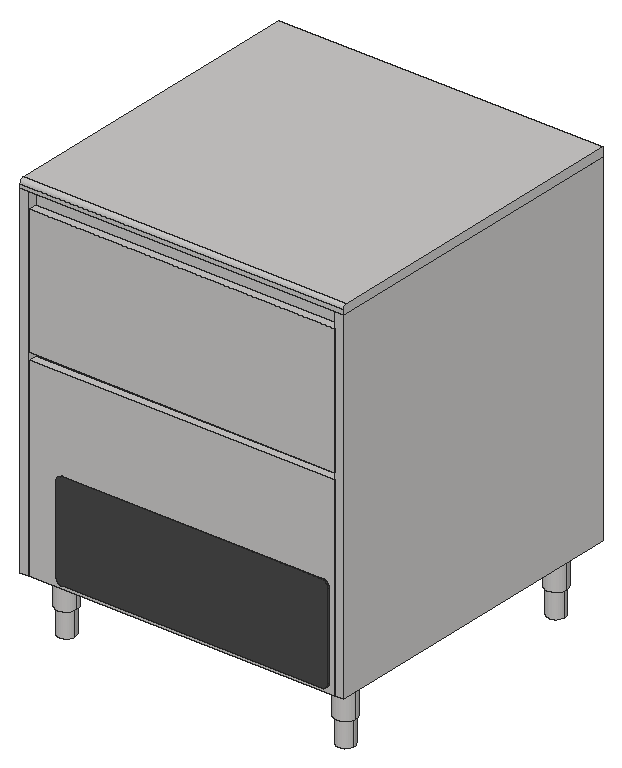
Revit family "QF_ELECTROLUXPROFESSIONAL_730297_IHD145I45SNP", category Attrezzature speciali, Revit 2018
Family settings
  Quota connettore circolare = Usa diametro
  Tipo di parte = Normale
  Basato su piano di lavoro = No
  Sempre verticale = Sì
  Taglio con vuoti quando caricato = No
  Condiviso = No
  Punto di calcolo locali = No
Parameters (values of type "Standard")
  Weight = 74.00 kg
  Watts = 1400 W
  Volts = 220 V
  URL Manufacturer = "https://www.electroluxprofessional.com/"
  URL = "https://www.electroluxprofessional.com/"
  Steam Supply Size = 0 mm
  Steam Supply Minimum Pressure = 0.0 Pa
  Steam Supply Maximum Pressure = 0.0 Pa
  Steam Pounds per Hour = 0
  Show Logo [instance] = yes
  Show Clearance [instance] = yes
  Refrigeration Suction Line Size = 0 mm
  Refrigeration Liquid Line Size = 0 mm
  Refrigerant Compressor Remote = yes
  Produttore = "Electrolux Professional"
  Phase = 1
  Modello = "IHD145I45SNP"
  Length Actual = 762 mm  # constant formula
  Item Number = "730297"
  Hot Water Size = 0 mm
  Height Actual = 937 mm  # constant formula
  HP = "1.9 HP"
  Gas Size = 0 mm
  Gas KW = 0
  Gas Input Pressure = 0 W
  Descrizione = "AIR COOLED HALF DICE ICE 145KG/24H-BIN 45KG"
  Depth Actual = 762 mm  # constant formula
  Cycle = 50 Hz
  Condensate Return Size = 0 mm
  Compressed Air Volume = 0.0 L/s
  Compressed Air Size = 0 mm
  Compressed Air Pressure = 0.0 Pa
  Cold Water Size = 19.05 mm
  Accessory = yes
Reference planes
  plane 1 "Center X": y = 272.851
  plane 2: z = 0
  plane 3 "Center Y": x = -501.5
  plane 4 "LEFT": x = -882.5
  plane 5 "RIGHT": x = -120.5
  plane 6 "FRONT": y = -108.149
  plane 7 "BACK": y = 653.851
  plane 8: z = 142
  plane 9: z = 973
  plane 10: z = 953
  plane 11: x = -862.5
  plane 12: x = -140.5
  plane 13: y = -68.149
Forms (mm)
  Extrusion 1, solid, material "QF_Finishes_Black"
    sketch origin (-206.5, -108.149, 371.513) x (-1, 0, 0) y (0, 0, -1)
      loop
        arc (575, -8.487) -> (585.607, -4.093) -> (590, 6.513) r 15
        line (590, 6.513) -> (590, 207.469)
        arc (590, 207.469) -> (585.607, 218.075) -> (575, 222.469) r 15
        line (575, 222.469) -> (-36.116, 222.469)
        arc (-36.116, 222.469) -> (-46.723, 218.075) -> (-51.116, 207.469) r 15
        line (-51.116, 207.469) -> (-51.116, 6.513)
        arc (-51.116, 6.513) -> (-46.723, -4.093) -> (-36.116, -8.487) r 15
        line (-36.116, -8.487) -> (575, -8.487)
    from 0 to 2
  Extrusion 2, solid, material "QF_Finishes_Stainless Steel"
    sketch origin (-501.5, 0, 0) x (0, 1, 0) y (0, 0, 1)
      loop
        line (653.851, 953) -> (653.851, 973) -> (-98.149, 973)
        arc (-98.149, 973) -> (-105.22, 970.071) -> (-108.149, 963) r 10
        line (-108.149, 963) -> (-108.149, 953) -> (653.851, 953)
    from -381 to 381
  Extrusion 3, solid, material "QF_Finishes_Stainless Steel"
    sketch origin (-464.7, 653.851, -324.545) x (1, 0, 0) y (0, 0, -1)
      loop
        circle (280.2, -642.545) r 10
    from 0 to 10
  Extrusion 4, solid, material "QF_Finishes_Stainless Steel"
    sketch origin (0, 0, 0) x (1, 0, 0) y (0, 1, 0)
      loop
        line (-882.5, 653.851) -> (-882.5, -108.149) -> (-862.5, -108.149) -> (-862.5, 653.851) -> (-882.5, 653.851)
    from 142 to 953
  Extrusion 5, solid, material "QF_Finishes_Stainless Steel"
    sketch origin (0, 0, 0) x (1, 0, 0) y (0, 1, 0)
      loop
        line (-140.5, 653.851) -> (-140.5, -108.149) -> (-120.5, -108.149) -> (-120.5, 653.851) -> (-140.5, 653.851)
    from 142 to 953
  Extrusion 6, solid, material "QF_Finishes_Stainless Steel"
    sketch origin (0, 0, 0) x (1, 0, 0) y (0, 1, 0)
      loop
        line (-862.5, 653.851) -> (-862.5, -68.149) -> (-140.5, -68.149) -> (-140.5, 653.851) -> (-862.5, 653.851)
    from 142 to 953
  Extrusion 7, solid, material "QF_Finishes_Stainless Steel"
    sketch origin (0, 0, 0) x (1, 0, 0) y (0, 1, 0)
      loop
        line (-862.5, -108.149) -> (-140.5, -108.149) -> (-140.5, -68.149) -> (-862.5, -68.149) -> (-862.5, -108.149)
    from 142 to 598
  Extrusion 8, solid, material "QF_Finishes_Stainless Steel"
    sketch origin (-501.5, 0, 0) x (0, 1, 0) y (0, 0, 1)
      loop
        line (-68.149, 953) -> (-88.149, 953) -> (-88.149, 917) -> (-108.149, 917) -> (-108.149, 613.768) -> (-88.149, 613.768) -> (-88.149, 598) -> (-68.149, 598) -> (-68.149, 953)
    from -361 to 361
  Extrusion 9, solid, material "QF_Finishes_Stainless Steel"
    sketch origin (-451.7, 653.851, -395.545) x (1, 0, 0) y (0, 0, -1)
      loop
        circle (280.2, -642.545) r 10
    from 0 to 10
  Extrusion 10, solid, material "QF_Finishes_Stainless Steel"
    sketch origin (-510.7, 653.851, -356.545) x (1, 0, 0) y (0, 0, -1)
      loop
        circle (280.2, -642.545) r 10
    from 0 to 10
Lines and regions (mm)
  Split face 1
    outline origin (-501.5, -88.149, 953) x (0, 0, -1) y (1, 0, 0)
      loop
        line (5.715, 238.428) -> (30.715, 238.428) -> (30.715, 278.428) -> (5.715, 278.428) -> (5.715, 238.428)
  symbolic lines
    curve 1: line (-882.5, 653.851, 0) -> (-120.5, 653.851, 0)
    curve 2: line (-882.5, -108.149, 0) -> (-882.5, 653.851, 0)
    curve 3: line (-120.5, -108.149, 0) -> (-882.5, -108.149, 0)
    curve 4: line (-120.5, 653.851, 0) -> (-120.5, -108.149, 0)
Dimensions and locks
  equal spacing: plane 4 "LEFT", plane 3 "Center Y", plane 5 "RIGHT"
  plane 4 "LEFT" to plane 5 "RIGHT" = 762 mm
  equal spacing: plane 7 "BACK", plane 1 "Center X", plane 6 "FRONT"
  plane 7 "BACK" to plane 6 "FRONT" = 762 mm
  plane 8 to plane 2 = 142 mm
  plane 9 to plane 2 = 973 mm
  locked: plane 4 "LEFT" to plane 11 at 20
  locked: plane 12 to plane 5 "RIGHT" at 20
  locked: plane 9 to plane 10 at 20
  locked: plane 13 to plane 6 "FRONT" at 40
  aligned and locked: level to plane 2
  aligned and locked: plane 5 "RIGHT" to Extrusion 2
  aligned and locked: Extrusion 2 to plane 4 "LEFT"
  aligned and locked: Extrusion 4 sketch curve to Extrusion 2  (x2)
  aligned and locked: plane 6 "FRONT" to Extrusion 4 sketch curve
  aligned and locked: Extrusion 4 sketch curve to plane 11
  aligned and locked: Extrusion 5 sketch curve to plane 7 "BACK"
  aligned and locked: plane 12 to Extrusion 5 sketch curve
  aligned and locked: Extrusion 5 sketch curve to Extrusion 2  (x2)
  aligned and locked: plane 10 to Extrusion 4
  aligned and locked: plane 10 to Extrusion 5
  aligned and locked: Extrusion 4 to plane 8
  aligned and locked: Extrusion 5 to plane 8
  aligned and locked: Extrusion 6 sketch curve to Extrusion 4
  aligned and locked: Extrusion 4 to Extrusion 6 sketch curve
  aligned and locked: plane 13 to Extrusion 6 sketch curve
  aligned and locked: Extrusion 6 sketch curve to plane 12
  aligned and locked: plane 10 to Extrusion 6
  aligned and locked: Extrusion 6 to plane 8
  aligned and locked: Extrusion 4 to Extrusion 7 sketch curve
  aligned and locked: Extrusion 7 sketch curve to Extrusion 4
  aligned and locked: plane 13 to Extrusion 7 sketch curve
  aligned and locked: plane 12 to Extrusion 7 sketch curve
  aligned and locked: Extrusion 7 to plane 8
  aligned and locked: plane 12 to Extrusion 8
  aligned and locked: Extrusion 8 to plane 11
Automatic sketch dimensions
  curve 3 to plane 4 "LEFT" = 0 mm
  curve 3 to plane 5 "RIGHT" = 0 mm
  curve 3 to plane 6 "FRONT" = 0 mm
  curve 2 to plane 7 "BACK" = 0 mm
  Extrusion 1 sketch curve to plane 12 = 14.884 mm
  plane 8 to Extrusion 1 sketch curve = 7.044 mm
  Extrusion 1 sketch curve to Extrusion 1 sketch curve = 15 mm  (x3)
  plane 11 to Extrusion 1 sketch curve = 81 mm  (x2)
  Extrusion 1 sketch curve to Extrusion 1 sketch curve = 200.956 mm
  Extrusion 2 sketch curve to plane 6 "FRONT" = 0 mm
  Extrusion 2 sketch curve to plane 9 = 0 mm
  Extrusion 2 sketch curve to plane 7 "BACK" = 0 mm
  Extrusion 2 sketch curve to plane 10 = 0 mm
  plane 6 "FRONT" to Extrusion 2 sketch curve = 10 mm
  Extrusion 6 to Extrusion 3 sketch curve = 176 mm
  Extrusion 3 sketch curve to Extrusion 6 = 44 mm
  Extrusion 8 sketch curve to plane 6 "FRONT" = 0 mm
  Extrusion 8 sketch curve to plane 10 = 0 mm
  Extrusion 8 sketch curve to plane 13 = 0 mm
  plane 6 "FRONT" to Extrusion 8 sketch curve = 20 mm  (x2)
  Extrusion 8 sketch curve to plane 10 = 36 mm
  Extrusion 8 sketch curve to Extrusion 8 sketch curve = 303.232 mm
  Extrusion 8 sketch curve to Extrusion 8 sketch curve = 15.768 mm
  Split face 1 sketch curve to Extrusion 8 = 5.715 mm
  Extrusion 8 to Split face 1 sketch curve = 5.285 mm
  Split face 1 sketch curve to Extrusion 8 = 122.572 mm
  Split face 1 sketch curve to Split face 1 sketch curve = 40 mm
  Extrusion 9 sketch curve to Extrusion 6 = 31 mm
  Extrusion 6 to Extrusion 9 sketch curve = 105 mm
  Extrusion 10 sketch curve to Extrusion 6 = 90 mm
  Extrusion 6 to Extrusion 10 sketch curve = 144 mm
  radius of Extrusion 3 sketch curve = 10 mm
  radius of Extrusion 9 sketch curve = 10 mm
  radius of Extrusion 10 sketch curve = 10 mm
Nested families
  nested 1: "Foot_Complete" at (-830.5, -37.149, 0), type "Foot_Complete"
    with H 142 mm
  nested 2: "Foot_Complete" at (-172.5, -37.149, 0) x (-1, 0, 0) z (0, 0, 1), type "Foot_Complete"
    with H 142 mm
  nested 3: "Foot_Complete" at (-830.5, 582.851, 0), type "Foot_Complete"
    with H 142 mm
  nested 4: "Foot_Complete" at (-172.5, 582.851, 0) x (-1, 0, 0) z (0, 0, 1), type "Foot_Complete"
    with H 142 mm
Connectors
  electrical at (-171.5, 663.851, 247), driven by "Volts"
    settings: on Extrusion 9, index 1, voltage 220 V, apparent load 0 VA, apparent load phase1 0 VA, apparent load phase2 0 VA, apparent load phase3 0 VA, power factor 1, load classification "Altro", number of poles 1, system type 30, power factor state 1, is connector primary yes, connector utility no, sub classification motor no, connector description "Electrical Connection"
  piping at (-184.5, 663.851, 318), diameter 20
    settings: on Extrusion 3, index 2, connector inside diameter 609.6 mm, connector length 0 mm, flow factor 0, pipe flow 0.0 L/s, pressure drop 0.0 Pa, fitting loss kfactor 0, connector angle 0.00°, fixture units 0, engagement length 0 mm, angle of deflection 0.00°, flow configuration 0, flow direction 0, fitting loss method 0, system type 20, joint type 0, gender type 0, connector reference index -1, connector utility 0, adjustable connector no, is connector primary yes, connector description "Cold water"
  piping at (-230.5, 663.851, 286), diameter 20
    settings: on Extrusion 10, index 3, connector inside diameter 609.6 mm, connector length 0 mm, flow factor 0, pipe flow 0.0 L/s, pressure drop 0.0 Pa, fitting loss kfactor 0, connector angle 0.00°, fixture units 0, engagement length 0 mm, angle of deflection 0.00°, flow configuration 0, flow direction 0, fitting loss method 0, system type 16, joint type 0, gender type 0, connector reference index -1, connector utility 0, adjustable connector no, is connector primary no, connector description "Drain"
Definition of nested family "Foot_Complete"
  Parameters (values of type "Foot_Complete")
    R = 25 mm
    H = 153 mm
  Reference planes
    plane 1 "Centro (Fronte/Retro)": y = 0
    plane 2: z = 0
    plane 3 "Centro (Sinistra/Destra)": x = 0
    plane 4: z = 153
  Forms (mm)
    Revolve 1, solid
      sketch origin (255.05, 0, 608.09) x (0, 0, 1) y (-1, 0, 0)
        loop
          line (-608.09, 255.05) -> (-608.09, 235.05) -> (-548.09, 235.05) -> (-548.09, 230.05) -> (-455.09, 230.05) -> (-455.09, 255.05) -> (-608.09, 255.05)
        axis (-608.09, 255.05) -> (-455.09, 255.05)
      angle from 0 to 360
  Dimensions and locks
    level to Revolve 1 sketch curve = 60 mm
    "R": Revolve 1 sketch curve to plane 3 "Centro (Sinistra/Destra)"
    "H": plane 4 to level
    aligned and locked: level to plane 2
    aligned and locked: plane 4 to Revolve 1 sketch curve
    aligned and locked: Revolve 1 sketch curve to level
    aligned and locked: plane 3 "Centro (Sinistra/Destra)" to Revolve 1 sketch curve
  Automatic sketch dimensions
    Revolve 1 sketch curve to plane 3 "Centro (Sinistra/Destra)" = 0 mm
    plane 3 "Centro (Sinistra/Destra)" to Revolve 1 sketch curve = 20 mm
    Revolve 1 sketch curve to Revolve 1 sketch curve = 50 mm
    Revolve 1 sketch curve to Revolve 1 sketch curve = 20 mm
